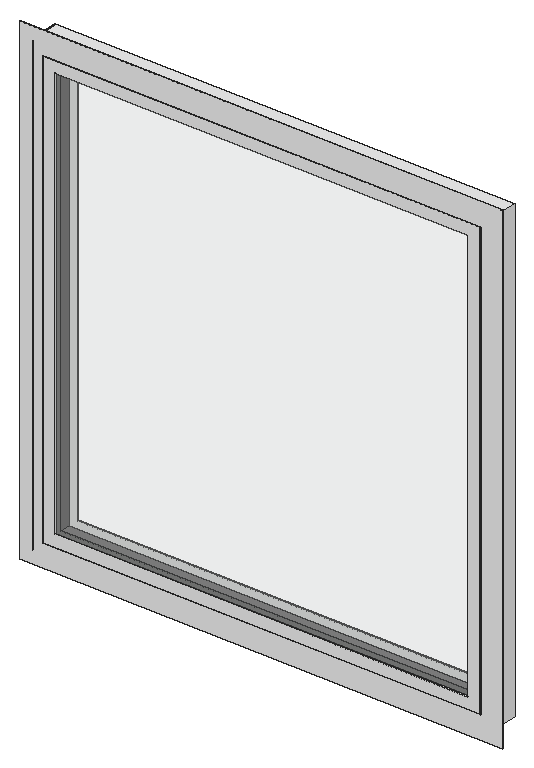
Revit family "Casement_28_F_Side_Hung_Standard", category Windows, host Wall, Revit 2014
Parameters (values of type "Casement_Sash_DG")
  Width Sash [instance] = 30 mm
  Width Sash Inner = 15 mm
  Width Bead = 15 mm
  Top Hung [instance] = yes
  Side Hung Right [instance] = yes
  Side Hung Left [instance] = yes
  Sash Opening Width [instance] = 600 mm
  Sash Opening Height [instance] = 600.312 mm
  Sash Lip = 15 mm
  Glazing Material [instance] = Glass
  DG Start Piece 2 [instance] = DG End Piece 1 + DG Gasket Thickness  # 25 mm
  DG Start Peice 1 [instance] = (Depth Sash - (2 * DG Glazing Thickness) - DG Gasket Thickness) / 2  # 6.6 mm
  Glazing Offset = 5 mm
  DG Glazing Thickness [instance] = 6.4 mm
  DG Gasket Thickness = 12 mm  # constant formula
  DG Gasket Material [instance] = Double Glazing Gasket Material
  DG End Piece 2 [instance] = DG Start Piece 2 + DG Glazing Thickness  # 31.4 mm
  DG End Piece 1 [instance] = DG Start Peice 1 + DG Glazing Thickness  # 13 mm
  Depth Sash [instance] = 38 mm
  Center Vertical Sash [instance] = Sash Opening Height / 2  # 300.156 mm
  Center Horizontal Sash [instance] = Sash Opening Width / 2  # 300 mm
  Bottom Hung [instance] = yes
  Bead Offset = 15 mm
  Aluminium Thickness = 1 mm
  Aluminium Material [instance] = White Powder Coated Aluminium
Reference planes
  plane 1 "Center (Front/Back)": y = 0
  plane 2: z = 0
  plane 3 "Center (Left/Right)": x = 0
Forms (mm)
  Sweep 1, solid, material "White Powder Coated Aluminium" <- "Aluminium Material"
    path origin (16.177, 0, 121.331) x (1, 0, 0) y (0, 0, 1)
      loop
        line (0, 0) -> (600, 0) -> (600, 600.312) -> (0, 600.312) -> (0, 0)
    profile origin (316.177, 0, 121.331) x (0, 0, 1) y (0, -1, 0)
      loop
        line (0, 0) -> (30, 0) -> (30, 1) -> (15, 1) -> (15, 38) -> (-15, 38) -> (-15, 37) -> (0, 37) -> (0, 0)
      loop
        line (14, 1) -> (14, 37) -> (1, 37) -> (1, 1) -> (14, 1)
  Sweep 2, solid, material "White Powder Coated Aluminium" <- "Aluminium Material"
    path origin (0, 0, 0) x (1, 0, 0) y (0, 0, 1)
      loop
        line (31.177, 706.643) -> (31.177, 136.331) -> (601.177, 136.331) -> (601.177, 706.643) -> (31.177, 706.643)
    profile origin (316.177, 0, 706.643) x (0, 0, 1) y (0, -1, 0)
      loop
        line (0, 37) -> (0, 38) -> (-15, 38) -> (-15, 37) -> (0, 37)
  Extrusion 3, solid, material "Glass" <- "Glazing Material"
    sketch origin (0, 0, 0) x (1, 0, 0) y (0, 0, 1)
      loop
        line (36.177, 701.643) -> (36.177, 141.331) -> (596.177, 141.331) -> (596.177, 701.643) -> (36.177, 701.643)
    from 6.6 <- "DG Start Peice 1" to 13 <- "DG End Piece 1"
  Extrusion 4, solid, material "Glass" <- "Glazing Material"
    sketch origin (0, 0, 0) x (1, 0, 0) y (0, 0, 1)
      loop
        line (36.177, 701.643) -> (36.177, 141.331) -> (596.177, 141.331) -> (596.177, 701.643) -> (36.177, 701.643)
    from 31.4 <- "DG End Piece 2" to 25 <- "DG Start Piece 2"
  Sweep 5, solid, material "Double Glazing Gasket Material" <- "DG Gasket Material"
    path origin (0, -13, 0) x (1, 0, 0) y (0, 0, 1)
      loop
        line (36.177, 701.643) -> (36.177, 141.331) -> (596.177, 141.331) -> (596.177, 701.643) -> (36.177, 701.643)
    profile origin (316.177, -13, 701.643) x (0, 0, 1) y (0, -1, 0)
      loop
        line (0, 0) -> (0, 12) -> (-7.96, 12) -> (-7.96, 0) -> (0, 0)
Lines and regions (mm)
  model lines
    curve 1: line (1.177, -38, 736.643) -> (31.177, -38, 706.643)
    curve 2: line (601.177, -38, 706.643) -> (631.177, -38, 736.643)
    curve 3: line (601.177, -38, 136.331) -> (631.177, -38, 106.331)
    curve 4: line (1.177, -38, 106.331) -> (31.177, -38, 136.331)
    curve 5: line (631.177, -37, 736.643) -> (616.177, -37, 721.643)
    curve 6: line (1.177, -37, 736.643) -> (16.177, -37, 721.643)
    curve 7: line (1.177, -37, 106.331) -> (16.177, -37, 121.331)
    curve 8: line (631.177, -37, 106.331) -> (616.177, -37, 121.331)
    curve 9: line (616.177, 0, 121.331) -> (586.177, 0, 151.331)
    curve 10: line (46.177, 0, 151.331) -> (16.177, 0, 121.331)
    curve 11: line (616.177, 0, 721.643) -> (586.177, 0, 691.643)
    curve 12: line (46.177, 0, 691.643) -> (16.177, 0, 721.643)
    curve 13: line (31.177, -38, 691.643) -> (46.177, -38, 691.643)
    curve 14: line (586.177, -38, 691.643) -> (601.177, -38, 691.643)
    curve 15: line (586.177, -38, 151.331) -> (601.177, -38, 151.331)
    curve 16: line (31.177, -38, 151.331) -> (46.177, -38, 151.331)
  model lines, style "GenericModelHiddenLines", visible <- "Top Hung"
    curve 17: line (46.386, -31.4, 690.914) -> (316.177, -31.4, 151.331)
    curve 18: line (316.177, -31.4, 151.331) -> (586.177, -31.4, 691.331)
  model lines, style "GenericModelHiddenLines", visible <- "Bottom Hung"
    curve 19: line (46.177, -31.4, 151.331) -> (316.177, -31.4, 691.331)
    curve 20: line (316.177, -31.4, 691.331) -> (586.177, -31.4, 151.331)
  model lines, style "GenericModelHiddenLines", visible <- "Side Hung Left"
    curve 21: line (46.386, -31.4, 690.914) -> (585.24, -31.4, 421.487)
    curve 22: line (585.24, -31.4, 421.487) -> (46.177, -31.4, 151.331)
  model lines, style "GenericModelHiddenLines", visible <- "Side Hung Right"
    curve 23: line (586.177, -31.4, 691.331) -> (46.177, -31.4, 421.487)
    curve 24: line (46.177, -31.4, 421.487) -> (586.177, -31.4, 151.331)
Dimensions and locks
  "Aluminium Thickness": Sweep 1 sketch curve to Sweep 1 sketch curve  (x4)
  "Depth Sash": Sweep 1 sketch curve to Sweep 1 sketch curve
  "Sash Opening Width": Sweep 1 to Sweep 1
  "Sash Opening Height": Sweep 1 to Sweep 1
  "Width Sash": Sweep 1 sketch curve to Sweep 1 sketch curve  (x2)
  "Width Sash Inner": Sweep 1 sketch curve to Sweep 1 sketch curve
  "Sash Lip": Sweep 1 sketch curve to Sweep 1 sketch curve
  "Aluminium Thickness": Sweep 1 to Sweep 2 sketch curve
  "Glazing Offset": Sweep 2 to Extrusion 3 sketch curve  (x3)
  "Glazing Offset": Extrusion 3 sketch curve to Sweep 2
  Sweep 1 to Sweep 1 = 1 mm
  "Aluminium Thickness": Sweep 2 sketch curve to Sweep 2 sketch curve
  "Width Bead": Sweep 2 sketch curve to Sweep 2 sketch curve
  locked: Sweep 5 sketch curve to Sweep 5 sketch curve at 7.96
  "Center Horizontal Sash": Sweep 1 to curve 18
  "Center Horizontal Sash": Sweep 1 to curve 20
  "Center Vertical Sash": Sweep 1 to curve 22
  "Center Vertical Sash": Sweep 1 to curve 24
  aligned and locked: level to plane 2
  aligned and locked: Sweep 1 sketch curve to Sweep 1 sketch curve  (x2)
  aligned and locked: Sweep 2 sketch curve to Sweep 1  (x5)
  aligned and locked: Extrusion 4 sketch curve to Extrusion 3  (x4)
  aligned and locked: Sweep 5 sketch curve to Extrusion 3  (x5)
  aligned and locked: Extrusion 3 to Sweep 5 sketch curve
Automatic sketch dimensions
  plane 3 "Center (Left/Right)" to Sweep 1 sketch curve = 16.177 mm
  level to Sweep 1 sketch curve = 121.331 mm
  plane 3 "Center (Left/Right)" to Sweep 1 sketch curve = 616.177 mm
  level to Sweep 1 sketch curve = 721.643 mm
  profile plane to Sweep 5 sketch curve = 12 mm
  curve 7 to Sweep 1 = 0 mm  (x4)
  curve 6 to Sweep 1 = 0 mm  (x3)
  Sweep 1 to curve 6 = 0 mm
  curve 5 to Sweep 1 = 0 mm  (x3)
  curve 8 to Sweep 1 = 0 mm  (x4)
  Sweep 1 to curve 5 = 0 mm
  curve 16 to Sweep 2 = 0 mm  (x3)
  curve 13 to Sweep 2 = 0 mm  (x3)
  curve 15 to Sweep 2 = 0 mm
  Sweep 2 to curve 15 = 0 mm  (x2)
  curve 14 to Sweep 2 = 0 mm  (x2)
  Sweep 2 to curve 14 = 0 mm
  curve 1 to Sweep 1 = 0 mm  (x4)
  curve 4 to Sweep 1 = 0 mm  (x3)
  Sweep 1 to curve 4 = 0 mm
  curve 3 to Sweep 1 = 0 mm  (x3)
  curve 2 to Sweep 1 = 0 mm  (x4)
  Sweep 1 to curve 3 = 0 mm
  curve 10 to Sweep 1 = 0 mm  (x4)
  curve 12 to Sweep 1 = 0 mm  (x3)
  Sweep 1 to curve 12 = 0 mm
  curve 9 to Sweep 1 = 0 mm  (x4)
  curve 11 to Sweep 1 = 0 mm  (x3)
  Sweep 1 to curve 11 = 0 mm
  Sweep 1 sketch curve to plane 1 "Center (Front/Back)" = 0 mm
  profile plane to Sweep 1 sketch curve = 0 mm
  curve 21 to Extrusion 4 = 10.208 mm
  curve 19 to Extrusion 4 = 10 mm
  curve 23 to Extrusion 4 = 10 mm  (x2)
  curve 22 to Extrusion 4 = 10.937 mm
  curve 20 to Extrusion 4 = 10 mm
  curve 24 to Extrusion 4 = 10 mm
  curve 22 to Extrusion 4 = 10 mm
  curve 18 to Extrusion 4 = 10 mm
  curve 21 to Extrusion 4 = 10.729 mm
  curve 19 to Extrusion 4 = 10.312 mm
  curve 18 to Extrusion 4 = 10.312 mm
Types in the file's own list only (12): name | Windload Design | Width Sash Right Opening | Width Sash Left Opening | Width Sash Right | Width Sash Left | Width Profile | Width Fixed Panel Right | Width Fixed Panel Left | Width Fixed Panel Center | Width | URL | Standard Mullion Different | Offset Window Exterior | Max Pane Area | Intruderprufe U Value | Intruderprufe SHGC Value | Intruderprufe LowE U Value | Intruderprufe LowE SHGC Value | Height Fixed Panel Right | Height Fixed Panel Left | Height | Energy Advantage U Value | Energy Advantage SHGC Value | Custom Window Width | Custom Window Height | Window Exterior Offset | Custom Windload | Custom Sash Right Width | Custom Sash Right Height | Custom Sash Left Width | Custom Sash Left Height | Single Glazing | Side Hung Right | Sash Spacing Inner | Sash Overlap | Sash Center Offset | SG Gasket Thickness | Offset Sash Side | Offset Sash Top | Offset Mullion Right | Offset Fixed Panel Center Left | Offset Mullion Left | Offset Transom Right Top | Offset Transom Left Top | Offset Bead Center Reversed | Model | Manufacturer | Limit Window Width Min | Limit Window Width Max | Limit Window Height Min | Limit Window Height Max | Limit Sash Width Min | Limit Sash Width Max | Limit Sash Height Min | Limit Sash Height Max | Limit Fixed Pane Width Min | Limit Fixed Pane Width Max | Limit Fixed Pane Height Min | Limit Fixed Pane Height Max | Length Transom Right | Length Transom Left | Length Mullion | Height Sash Right Opening | Height Sash Right | Height Sash Left Opening | Height Sash Left | Height Fixed Panel Center | Description | Depth Mullion | Frame Center Offset | Depth Bead | Default Sill Height | Wall Closure | Mullion Depth Windload Based | Corrected Mullion Size | Clearvue U Value | Clearvue SHGC Value | Casement Dimension | Bead SG Gap | Area Pane Right Top | Area Pane Right Bottom | Area Pane Middle | Area Pane Left Top | Area Pane Left Bottom
  28-1815SS-1000Pa | 1000 mm | 554 mm | 554 mm | 524 mm | 524 mm | 30 mm | 540 mm | 540 mm | 590 mm | 1790 mm | "http://www.crealco.co.za/crealco-products.php" | 0 mm | 14 mm | 0.82 m² | 6.16 | 0.609 | 4.62 | 0.537 | 260 mm | 260 mm | 1490 mm | 4.17 | 0.576 | 1790 mm | 1490 mm | 0 mm | 1000 mm | 554 mm | 1154 mm | 554 mm | 1154 mm | Yes | No | 8 mm | 7 mm | 11 mm | 6 mm | 23 mm | 23 mm | 570 mm | 600 mm | 570 mm | 1170 mm | 1170 mm | 14 mm | "Casement 28" | "Crealco" | 1400 mm | 2700 mm | 1430 mm | 1860 mm | 300 mm | 600 mm | 300 mm | 1200 mm | 200 mm | 1500 mm | 200 mm | 1800 mm | 540 mm | 540 mm | 1490 mm | 1154 mm | 1124 mm | 1154 mm | 1124 mm | 1430 mm | "Window 28mm, Type F side hung" | 54 mm | 14 mm | 14 mm | 800 mm | By host | 54 mm | 0 mm | 6.23 | 0.64 | 28 mm | 13 mm | 0.52 m² | 0.13 m² | 0.82 m² | 0.52 m² | 0.13 m²
  28-2415SS-1000Pa | 1000 mm | 554 mm | 554 mm | 524 mm | 524 mm | 30 mm | 540 mm | 540 mm | 1190 mm | 2390 mm | "http://www.crealco.co.za/crealco-products.php" | 0 mm | 14 mm | 1.68 m² | 6.07 | 0.645 | 4.41 | 0.569 | 260 mm | 260 mm | 1490 mm | 7.9 | 0 | 2390 mm | 1490 mm | 0 mm | 1000 mm | 554 mm | 1154 mm | 554 mm | 1154 mm | Yes | No | 8 mm | 7 mm | 11 mm | 6 mm | 23 mm | 23 mm | 570 mm | 600 mm | 570 mm | 1170 mm | 1170 mm | 14 mm | "Casement 28" | "Crealco" | 1400 mm | 2700 mm | 1430 mm | 1860 mm | 300 mm | 600 mm | 300 mm | 1200 mm | 200 mm | 1500 mm | 200 mm | 1800 mm | 540 mm | 540 mm | 1490 mm | 1154 mm | 1124 mm | 1154 mm | 1124 mm | 1430 mm | "Window 28mm, Type F side hung" | 54 mm | 14 mm | 14 mm | 800 mm | By host | 54 mm | 0 mm | 7.9 | 0 | 28 mm | 13 mm | 0.52 m² | 0.13 m² | 1.68 m² | 0.52 m² | 0.13 m²
  28-1818SS-1000Pa | 1000 mm | 554 mm | 554 mm | 524 mm | 524 mm | 30 mm | 540 mm | 540 mm | 590 mm | 1790 mm | "http://www.crealco.co.za/crealco-products.php" | 0 mm | 14 mm | 1.00 m² | 6.14 | 0.603 | 4.66 | 0.551 | 560 mm | 560 mm | 1790 mm | 4.75 | 0.593 | 1790 mm | 1790 mm | 0 mm | 1000 mm | 554 mm | 1154 mm | 554 mm | 1154 mm | Yes | No | 8 mm | 7 mm | 11 mm | 6 mm | 23 mm | 23 mm | 570 mm | 600 mm | 570 mm | 1170 mm | 1170 mm | 14 mm | "Casement 28" | "Crealco" | 1400 mm | 2700 mm | 1430 mm | 1860 mm | 300 mm | 600 mm | 300 mm | 1200 mm | 200 mm | 1500 mm | 200 mm | 1800 mm | 540 mm | 540 mm | 1790 mm | 1154 mm | 1124 mm | 1154 mm | 1124 mm | 1730 mm | "Window 28mm, Type F side hung" | 70 mm | 14 mm | 14 mm | 800 mm | By host | 70 mm | 0 mm | 6.3 | 0.659 | 28 mm | 13 mm | 0.52 m² | 0.29 m² | 1.00 m² | 0.52 m² | 0.29 m²
  28-2418SS-1000Pa | 1000 mm | 554 mm | 554 mm | 524 mm | 524 mm | 30 mm | 540 mm | 540 mm | 1190 mm | 2390 mm | "http://www.crealco.co.za/crealco-products.php" | 0 mm | 14 mm | 2.03 m² | 6.06 | 0.643 | 4.44 | 0.582 | 560 mm | 560 mm | 1790 mm | 7.9 | 0 | 2390 mm | 1790 mm | 0 mm | 1000 mm | 554 mm | 1154 mm | 554 mm | 1154 mm | Yes | No | 8 mm | 7 mm | 11 mm | 6 mm | 23 mm | 23 mm | 570 mm | 600 mm | 570 mm | 1170 mm | 1170 mm | 14 mm | "Casement 28" | "Crealco" | 1400 mm | 2700 mm | 1430 mm | 1860 mm | 300 mm | 600 mm | 300 mm | 1200 mm | 200 mm | 1500 mm | 200 mm | 1800 mm | 540 mm | 540 mm | 1790 mm | 1154 mm | 1124 mm | 1154 mm | 1124 mm | 1730 mm | "Window 28mm, Type F side hung" | 70 mm | 14 mm | 14 mm | 800 mm | By host | 70 mm | 0 mm | 7.9 | 0 | 28 mm | 13 mm | 0.52 m² | 0.29 m² | 2.03 m² | 0.52 m² | 0.29 m²
  28-1815SS-1500Pa | 1500 mm | 554 mm | 554 mm | 524 mm | 524 mm | 30 mm | 540 mm | 540 mm | 590 mm | 1790 mm | "http://www.crealco.co.za/crealco-products.php" | 0 mm | 14 mm | 0.82 m² | 6.16 | 0.609 | 4.62 | 0.537 | 260 mm | 260 mm | 1490 mm | 4.17 | 0.576 | 1790 mm | 1490 mm | 0 mm | 1500 mm | 554 mm | 1154 mm | 554 mm | 1154 mm | Yes | No | 8 mm | 7 mm | 11 mm | 6 mm | 23 mm | 23 mm | 570 mm | 600 mm | 570 mm | 1170 mm | 1170 mm | 14 mm | "Casement 28" | "Crealco" | 1400 mm | 2700 mm | 1430 mm | 1860 mm | 300 mm | 600 mm | 300 mm | 1200 mm | 200 mm | 1500 mm | 200 mm | 1800 mm | 540 mm | 540 mm | 1490 mm | 1154 mm | 1124 mm | 1154 mm | 1124 mm | 1430 mm | "Window 28mm, Type F side hung" | 70 mm | 14 mm | 14 mm | 800 mm | By host | 70 mm | 0 mm | 6.23 | 0.64 | 28 mm | 13 mm | 0.52 m² | 0.13 m² | 0.82 m² | 0.52 m² | 0.13 m²
  28-1815SS-2000Pa | 2000 mm | 554 mm | 554 mm | 524 mm | 524 mm | 30 mm | 540 mm | 540 mm | 590 mm | 1790 mm | "http://www.crealco.co.za/crealco-products.php" | 0 mm | 14 mm | 0.82 m² | 6.16 | 0.609 | 4.62 | 0.537 | 260 mm | 260 mm | 1490 mm | 4.17 | 0.576 | 1790 mm | 1490 mm | 0 mm | 2000 mm | 554 mm | 1154 mm | 554 mm | 1154 mm | Yes | No | 8 mm | 7 mm | 11 mm | 6 mm | 23 mm | 23 mm | 570 mm | 600 mm | 570 mm | 1170 mm | 1170 mm | 14 mm | "Casement 28" | "Crealco" | 1400 mm | 2700 mm | 1430 mm | 1860 mm | 300 mm | 600 mm | 300 mm | 1200 mm | 200 mm | 1500 mm | 200 mm | 1800 mm | 540 mm | 540 mm | 1490 mm | 1154 mm | 1124 mm | 1154 mm | 1124 mm | 1430 mm | "Window 28mm, Type F side hung" | 70 mm | 14 mm | 14 mm | 800 mm | By host | 70 mm | 0 mm | 6.23 | 0.64 | 28 mm | 13 mm | 0.52 m² | 0.13 m² | 0.82 m² | 0.52 m² | 0.13 m²
  28-1818SS-1500Pa | 1500 mm | 554 mm | 554 mm | 524 mm | 524 mm | 30 mm | 540 mm | 540 mm | 590 mm | 1790 mm | "http://www.crealco.co.za/crealco-products.php" | 0 mm | 14 mm | 1.00 m² | 6.14 | 0.603 | 4.66 | 0.551 | 560 mm | 560 mm | 1790 mm | 4.75 | 0.593 | 1790 mm | 1790 mm | 0 mm | 1500 mm | 554 mm | 1154 mm | 554 mm | 1154 mm | Yes | No | 8 mm | 7 mm | 11 mm | 6 mm | 23 mm | 23 mm | 570 mm | 600 mm | 570 mm | 1170 mm | 1170 mm | 14 mm | "Casement 28" | "Crealco" | 1400 mm | 2700 mm | 1430 mm | 1860 mm | 300 mm | 600 mm | 300 mm | 1200 mm | 200 mm | 1500 mm | 200 mm | 1800 mm | 540 mm | 540 mm | 1790 mm | 1154 mm | 1124 mm | 1154 mm | 1124 mm | 1730 mm | "Window 28mm, Type F side hung" | 70 mm | 14 mm | 14 mm | 800 mm | By host | 70 mm | 0 mm | 6.3 | 0.659 | 28 mm | 13 mm | 0.52 m² | 0.29 m² | 1.00 m² | 0.52 m² | 0.29 m²
  28-1818SS-2000Pa | 2000 mm | 554 mm | 554 mm | 524 mm | 524 mm | 30 mm | 540 mm | 540 mm | 590 mm | 1790 mm | "http://www.crealco.co.za/crealco-products.php" | 0 mm | 14 mm | 1.00 m² | 6.14 | 0.603 | 4.66 | 0.551 | 560 mm | 560 mm | 1790 mm | 4.75 | 0.593 | 1790 mm | 1790 mm | 0 mm | 2000 mm | 554 mm | 1154 mm | 554 mm | 1154 mm | Yes | No | 8 mm | 7 mm | 11 mm | 6 mm | 23 mm | 23 mm | 570 mm | 600 mm | 570 mm | 1170 mm | 1170 mm | 14 mm | "Casement 28" | "Crealco" | 1400 mm | 2700 mm | 1430 mm | 1860 mm | 300 mm | 600 mm | 300 mm | 1200 mm | 200 mm | 1500 mm | 200 mm | 1800 mm | 540 mm | 540 mm | 1790 mm | 1154 mm | 1124 mm | 1154 mm | 1124 mm | 1730 mm | "Window 28mm, Type F side hung" | 70 mm | 14 mm | 14 mm | 800 mm | By host | 70 mm | 0 mm | 6.3 | 0.659 | 28 mm | 13 mm | 0.52 m² | 0.29 m² | 1.00 m² | 0.52 m² | 0.29 m²
  28-2415SS-1500Pa | 1500 mm | 554 mm | 554 mm | 524 mm | 524 mm | 30 mm | 540 mm | 540 mm | 1190 mm | 2390 mm | "http://www.crealco.co.za/crealco-products.php" | 0 mm | 14 mm | 1.68 m² | 6.07 | 0.645 | 4.41 | 0.569 | 260 mm | 260 mm | 1490 mm | 7.9 | 0 | 2390 mm | 1490 mm | 0 mm | 1500 mm | 554 mm | 1154 mm | 554 mm | 1154 mm | Yes | No | 8 mm | 7 mm | 11 mm | 6 mm | 23 mm | 23 mm | 570 mm | 600 mm | 570 mm | 1170 mm | 1170 mm | 14 mm | "Casement 28" | "Crealco" | 1400 mm | 2700 mm | 1430 mm | 1860 mm | 300 mm | 600 mm | 300 mm | 1200 mm | 200 mm | 1500 mm | 200 mm | 1800 mm | 540 mm | 540 mm | 1490 mm | 1154 mm | 1124 mm | 1154 mm | 1124 mm | 1430 mm | "Window 28mm, Type F side hung" | 70 mm | 14 mm | 14 mm | 800 mm | By host | 70 mm | 0 mm | 7.9 | 0 | 28 mm | 13 mm | 0.52 m² | 0.13 m² | 1.68 m² | 0.52 m² | 0.13 m²
  28-2415SS-2000Pa | 2000 mm | 554 mm | 554 mm | 524 mm | 524 mm | 30 mm | 540 mm | 540 mm | 1190 mm | 2390 mm | "http://www.crealco.co.za/crealco-products.php" | 0 mm | 14 mm | 1.68 m² | 6.07 | 0.645 | 4.41 | 0.569 | 260 mm | 260 mm | 1490 mm | 7.9 | 0 | 2390 mm | 1490 mm | 0 mm | 2000 mm | 554 mm | 1154 mm | 554 mm | 1154 mm | Yes | No | 8 mm | 7 mm | 11 mm | 6 mm | 23 mm | 23 mm | 570 mm | 600 mm | 570 mm | 1170 mm | 1170 mm | 14 mm | "Casement 28" | "Crealco" | 1400 mm | 2700 mm | 1430 mm | 1860 mm | 300 mm | 600 mm | 300 mm | 1200 mm | 200 mm | 1500 mm | 200 mm | 1800 mm | 540 mm | 540 mm | 1490 mm | 1154 mm | 1124 mm | 1154 mm | 1124 mm | 1430 mm | "Window 28mm, Type F side hung" | 70 mm | 14 mm | 14 mm | 800 mm | By host | 70 mm | 0 mm | 7.9 | 0 | 28 mm | 13 mm | 0.52 m² | 0.13 m² | 1.68 m² | 0.52 m² | 0.13 m²
  28-2418SS-1500Pa | 1500 mm | 554 mm | 554 mm | 524 mm | 524 mm | 30 mm | 540 mm | 540 mm | 1190 mm | 2390 mm | "http://www.crealco.co.za/crealco-products.php" | 0 mm | 14 mm | 2.03 m² | 6.06 | 0.643 | 4.44 | 0.582 | 560 mm | 560 mm | 1790 mm | 7.9 | 0 | 2390 mm | 1790 mm | 0 mm | 1500 mm | 554 mm | 1154 mm | 554 mm | 1154 mm | Yes | No | 8 mm | 7 mm | 11 mm | 6 mm | 23 mm | 23 mm | 570 mm | 600 mm | 570 mm | 1170 mm | 1170 mm | 14 mm | "Casement 28" | "Crealco" | 1400 mm | 2700 mm | 1430 mm | 1860 mm | 300 mm | 600 mm | 300 mm | 1200 mm | 200 mm | 1500 mm | 200 mm | 1800 mm | 540 mm | 540 mm | 1790 mm | 1154 mm | 1124 mm | 1154 mm | 1124 mm | 1730 mm | "Window 28mm, Type F side hung" | 70 mm | 14 mm | 14 mm | 800 mm | By host | 70 mm | 0 mm | 7.9 | 0 | 28 mm | 13 mm | 0.52 m² | 0.29 m² | 2.03 m² | 0.52 m² | 0.29 m²
  28-2418SS-2000Pa | 2000 mm | 554 mm | 554 mm | 524 mm | 524 mm | 30 mm | 540 mm | 540 mm | 1190 mm | 2390 mm | "http://www.crealco.co.za/crealco-products.php" | 0 mm | 14 mm | 2.03 m² | 6.06 | 0.643 | 4.44 | 0.582 | 560 mm | 560 mm | 1790 mm | 7.9 | 0 | 2390 mm | 1790 mm | 0 mm | 2000 mm | 554 mm | 1154 mm | 554 mm | 1154 mm | Yes | No | 8 mm | 7 mm | 11 mm | 6 mm | 23 mm | 23 mm | 570 mm | 600 mm | 570 mm | 1170 mm | 1170 mm | 14 mm | "Casement 28" | "Crealco" | 1400 mm | 2700 mm | 1430 mm | 1860 mm | 300 mm | 600 mm | 300 mm | 1200 mm | 200 mm | 1500 mm | 200 mm | 1800 mm | 540 mm | 540 mm | 1790 mm | 1154 mm | 1124 mm | 1154 mm | 1124 mm | 1730 mm | "Window 28mm, Type F side hung" | 70 mm | 14 mm | 14 mm | 800 mm | By host | 70 mm | 0 mm | 7.9 | 0 | 28 mm | 13 mm | 0.52 m² | 0.29 m² | 2.03 m² | 0.52 m² | 0.29 m²
